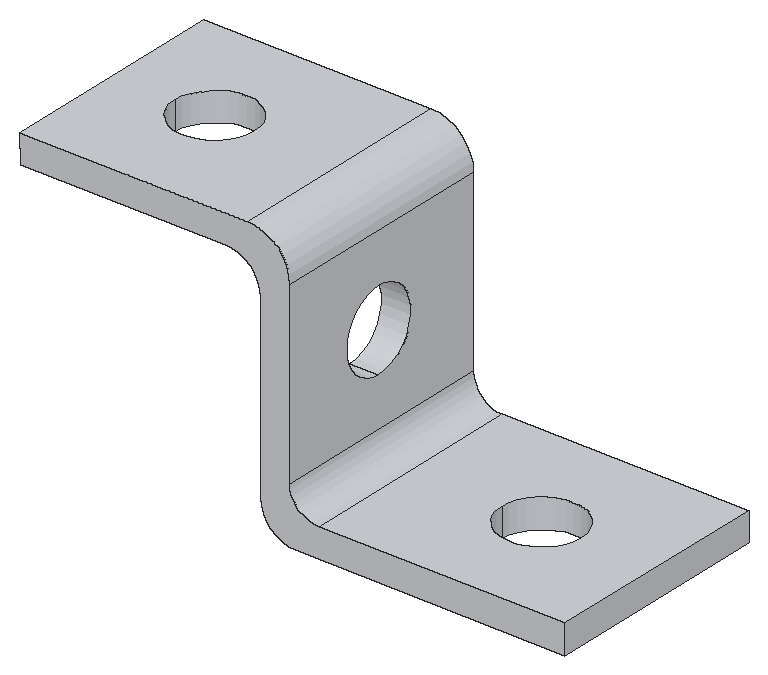
Revit family "MP25", category Generic Models, Revit 2017
Family settings
  Can host rebar = No
  Round Connector Dimension = Use Diameter
  Part Type = Normal
  Work Plane-Based = Yes
  Always vertical = No
  Cut with Voids When Loaded = No
  Shared = No
  Room Calculation Point = No
Parameters (values of type "NBS Standard Parameters")
  Weight = "0.206Kg"
  WarrantyStartDate [instance] = "1900-12-31T23:59:59"
  WarrantyGuarantorParts = "n/a"
  WarrantyGuarantorLabor = "n/a"
  WarrantyDurationUnit = "1 year"
  WarrantyDurationParts = "n/a"
  WarrantyDurationLabor = "n/a"
  WarrantyDescription = "n/a"
  Version = "1"
  Uniclass2 = "Pr_65_70_11_19"
  TagNumber [instance] = "n/a"
  SustainabilityPerformance = "n/a"
  Size = "41mm."
  Shape = "Flat"
  SerialNumber [instance] = "n/a"
  Revision = "n/a"
  ReplacementCost = "n/a"
  ProductInformation = "ww.metpro.co.uk/pdf/mp25.pdf"
  NominalWidth = 40 mm
  NominalLength = 90 mm
  NominalHeight = 48 mm
  Name = ""
  NBSTypeID = ""
  NBSReference = "90-55-10/305"
  NBSOfficeMasterTag = ""
  NBSNote = ""
  NBSDescription = "Channel Cable Supports"
  NBSCertification = ""
  ModelReference = "MP25"
  ModelNumber = "n/a"
  Material = "Steel"
  ManufacturerURL = "www.metpro.co.uk"
  ManufacturerName = "Metpro Ltd"
  Keynote = "Compliant to LU Standard 1-085"
  InstallationDate [instance] = "1900-12-31T23:59:59"
  IfcExportType = ""
  IfcExportAs = ""
  Grade = "n/a"
  Finish = "Hot Dipped Galvanised"
  Features = "n/a"
  ExpectedLife = "n/a"
  DurationUnit = "year"
  Description = "MP25  41mm z Brackets"
  Default Elevation = 1219.2 mm
  Constituents = "n/a"
  Color = "n/a"
  CodePerformance = "n/a"
  Category = "n/a"
  BarCode [instance] = "n/a"
  BIMObjectName = "metpro_metprolibrary_channelcablesupports_channelbrackets"
  Author = "Metpro Ltd"
  AssetType = ""
  AssetIdentifier [instance] = "n/a"
  AccessibilityPerformance = "n/a"
Reference planes
  plane 1 "Center (Front/Back)": y = 0
  plane 2: z = 0
  plane 3 "Center (Left/Right)": x = 0
Forms (mm)
  Extrusion 1, solid
    sketch origin (10.787, 4.205, 44.205) x (1, 0, 0) y (0, 0, -1)
      loop
        line (-15, 5) -> (-15, 0) -> (24.67, 0)
        arc (24.67, 0) -> (29.853, 2.147) -> (32, 7.33) r 7.33
        line (32, 7.33) -> (32, 38.357)
        arc (32, 38.357) -> (33.464, 41.893) -> (37, 43.357) r 5
        line (37, 43.357) -> (80, 43.357) -> (80, 48.409) -> (33.052, 48.409)
        arc (33.052, 48.409) -> (28.743, 46.625) -> (26.959, 42.317) r 6.093
        line (26.959, 42.317) -> (26.959, 11.185)
        arc (26.959, 11.185) -> (25.147, 6.812) -> (20.774, 5) r 6.185
        line (20.774, 5) -> (-15, 5)
    from 0 to 40
  Extrusion 2, void
    sketch origin (55.787, 4.205, -4.205) x (-1, 0, 0) y (0, -1, 0)
      loop
        circle (-15, -20) r 6.998
    from 0 to 5.052
  Extrusion 3, void
    sketch origin (42.787, 4.205, 42.994) x (0, 0, -1) y (0, -1, 0)
      loop
        circle (21.688, -19.384) r 7
    from 0 to 5.041
  Extrusion 4, void
    sketch origin (55.787, 4.205, -4.205) x (-1, 0, 0) y (0, -1, 0)
      loop
        circle (42.213, -20.232) r 7
    from 43.409 to 48.409
Cuts and joins
  Extrusion 2, Extrusion 3, Extrusion 4 cuts Extrusion 1
Dimensions and locks
  aligned and locked: level to plane 2
  aligned and locked: Extrusion 2 to Extrusion 1
